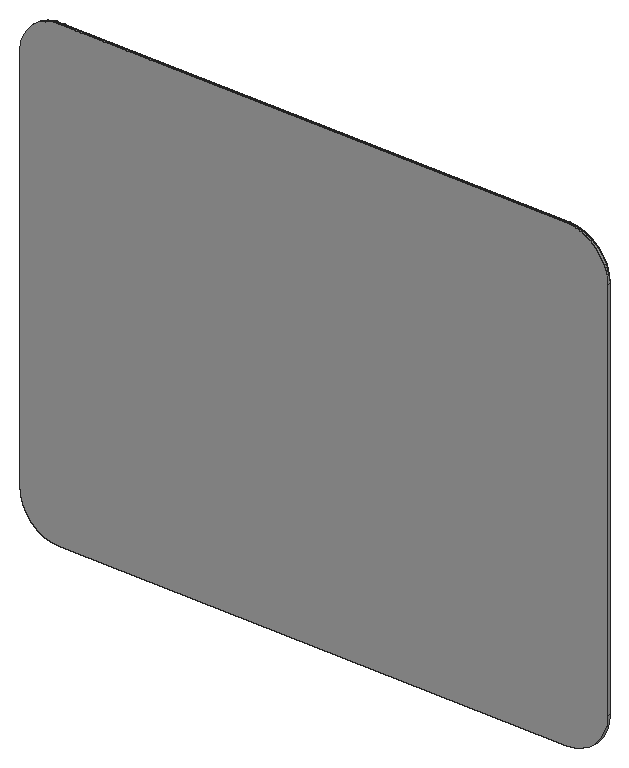
Revit family "41635", category Generic Models, Revit 2017
Family settings
  Can host rebar = No
  Round Connector Dimension = Use Diameter
  Part Type = Normal
  Work Plane-Based = No
  Always vertical = Yes
  Cut with Voids When Loaded = No
  Shared = No
  Room Calculation Point = No
Parameters
  Steel = Default
  Glass = Default
Reference planes
  plane 1 "Center (Front/Back)": y = 0
  plane 2: z = 0
  plane 3 "Center (Left/Right)": x = 0
  plane 4: y = 4
  plane 5: y = 4.3
Forms (mm)
  Extrusion 1, solid, material "Default" <- "Glass"
    sketch origin (-172.671, 4, 1200) x (-1, 0, 0) y (0, 0, 1)
      loop
        arc (359.961, -210.27) -> (-168.816, -198.593) -> (-697.594, -210.27) r 11978.119
        arc (-697.594, -210.27) -> (-758.238, -235.39) -> (-783.357, -296.034) r 85.763
        arc (-783.357, -296.034) -> (-793.428, -699.297) -> (-783.357, -1102.56) r 8078.447
        arc (-783.357, -1102.56) -> (-758.238, -1163.204) -> (-697.594, -1188.323) r 85.763
        arc (-697.594, -1188.323) -> (-168.816, -1200.001) -> (359.961, -1188.323) r 11978.119
        arc (359.961, -1188.323) -> (420.607, -1163.203) -> (445.727, -1102.558) r 85.765
        arc (445.727, -1102.558) -> (455.9, -695.5) -> (445.727, -288.441) r 8148.949
        arc (445.727, -288.441) -> (418.949, -231.686) -> (359.961, -210.27) r 82.36
    from -4 to 0
  Extrusion 2, solid, material "Default" <- "Steel"
    sketch origin (-172.671, 4, 1200) x (-1, 0, 0) y (0, 0, 1)
      loop
        arc (359.961, -210.27) -> (-168.816, -198.593) -> (-697.594, -210.27) r 11978.119
        arc (-697.594, -210.27) -> (-758.238, -235.39) -> (-783.357, -296.034) r 85.763
        arc (-783.357, -296.034) -> (-793.428, -699.297) -> (-783.357, -1102.56) r 8078.447
        arc (-783.357, -1102.56) -> (-758.238, -1163.204) -> (-697.594, -1188.323) r 85.763
        arc (-697.594, -1188.323) -> (-168.816, -1200.001) -> (359.961, -1188.323) r 11978.119
        arc (359.961, -1188.323) -> (420.607, -1163.203) -> (445.727, -1102.558) r 85.765
        arc (445.727, -1102.558) -> (455.9, -695.5) -> (445.727, -288.441) r 8148.949
        arc (445.727, -288.441) -> (418.949, -231.686) -> (359.961, -210.27) r 82.36
    from 0 to 0.3
Dimensions and locks
  aligned and locked: level to plane 2
